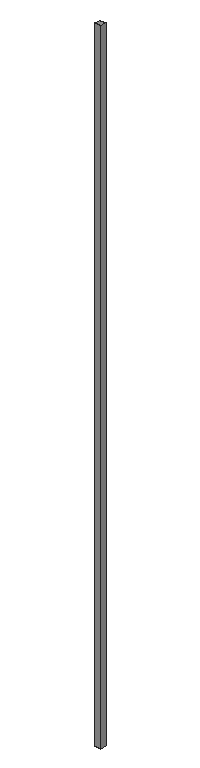
Revit family "Aluminum Batten", category Generic Models, Revit 2025
Family settings
  Can host rebar = No
  Round Connector Dimension = Use Diameter
  Part Type = Normal
  Work Plane-Based = No
  Always vertical = Yes
  Cut with Voids When Loaded = No
  Maintain Annotation Orientation = No
  Shared = No
  Room Calculation Point = No
Parameters
  Size = 2"
  Material = Cherry
  Height [instance] = 213"
  Default Elevation = 0"
Reference planes (in)
  plane 1 "Center (Front/Back)": y = 0
  plane 2: z = 0
  plane 3 "Center (Left/Right)": x = 0
  plane 4: z = 213
Forms (in)
  Extrusion 1, solid, material "Cherry" <- "Material"
    sketch origin (0, 0, 0) x (1, 0, 0) y (0, 1, 0)
      loop
        line (-1, 1) -> (-1, -1) -> (1, -1) -> (1, 1) -> (-1, 1)
    from 0 to 213
Dimensions and locks (in)
  equal spacing: Extrusion 1 sketch curve, plane 3 "Center (Left/Right)", Extrusion 1 sketch curve
  equal spacing: Extrusion 1 sketch curve, plane 1 "Center (Front/Back)", Extrusion 1 sketch curve
  "Size": Extrusion 1 sketch curve to Extrusion 1 sketch curve  (x2)
  plane 4 to Extrusion 1 = 213"
  aligned and locked: level to plane 2
  aligned and locked: plane 4 to Extrusion 1
